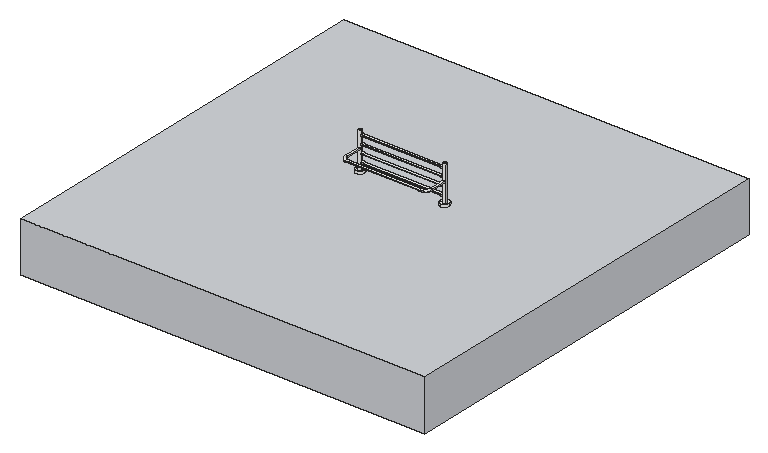
Revit family "Towel_Rack-Grohe-BauCosmopolitan-40462001", category Specialty Equipment, host Face, Revit 2014
Parameters (values of type "40462001")
  Width = 20 5/64"  # constant formula
  URL = "https://www.grohe.us"
  Type Comments = ""
  Product Page URL = "https://www.grohe.ca/en_ca/baucosmopolitan-multi-towel-rack-40462001.html"
  Price = "Prices may vary. Please consult Manufacturer Representative for most up-to-date price list."  # constant formula
  Model = "40462001"
  Material = "Metal-Grohe-000-Chrome"
  Manufacturer = "Grohe"
  Length = 8 189/256"  # constant formula
  Installation Type = "Wall Mounted"
  Height = 6 107/256"  # constant formula
  Finish = Metal-Grohe-000-Chrome
  Description = "BauCosmopolitan Multi-towel rack"
  Default Elevation = 40"  # constant formula
  Creation Date = "7/28/2017"  # constant formula
  Assembly Code = "D2010710"
Reference planes (in)
  plane 1 "Center (Front/Back)": y = 0
  plane 2: z = 0
  plane 3 "Center (Left/Right)": x = 0
  plane 4: x = 10.03937
  plane 5: x = -10.03937
  plane 6: z = 8.74016
  plane 7: y = 6.41732
  plane 8: z = 7.87402
  plane 9: z = 5.90551
  plane 10: z = 3.93701
  plane 11: z = 1.9685
  plane 12: y = 5.35433
  plane 13: z = 4.92126
Forms (in)
  Extrusion 1, solid
    sketch origin (0, 0, 0) x (1, 0, 0) y (0, 1, 0)
      loop
        line (-48, 48) -> (-48, -48) -> (48, -48) -> (48, 48) -> (-48, 48)
    from 0 to -12
  Revolve 2, solid, material "Metal-Grohe-000-Chrome" <- "Finish"
    sketch origin (0, 5.35428, 0) x (1, 0, 0) y (0, 0, 1)
      loop
        line (11.10242, 0) -> (11.10242, 0.3937) -> (10.38765, 0.3937) -> (10.38765, 8.74016) -> (10.03937, 8.74016) -> (10.03937, 0) -> (11.10242, 0)
      axis (10.03937, 8.74016) -> (10.03937, 0)
    angle from 0 to 360
  Revolve 3, solid, material "Metal-Grohe-000-Chrome" <- "Finish"
    sketch origin (0, 5.35428, 0) x (-1, 0, 0) y (0, 0, 1)
      loop
        line (11.10242, 0) -> (11.10242, 0.3937) -> (10.38765, 0.3937) -> (10.38765, 8.74016) -> (10.03937, 8.74016) -> (10.03937, 0) -> (11.10242, 0)
      axis (10.03937, 8.74016) -> (10.03937, 0)
    angle from 0 to 360
  Extrusion 4, solid, material "Metal-Grohe-000-Chrome" <- "Finish"
    sketch origin (0, 0, 0) x (0, 1, 0) y (0, 0, 1)
      loop
        circle (5.35433, 7.87402) r 0.23622
      loop
        circle (5.35433, 5.90551) r 0.23622
      loop
        circle (5.35433, 3.93701) r 0.23622
      loop
        circle (5.35433, 1.9685) r 0.23622
    from -9.97898 to 10.01124
  Sweep 5, solid, material "Metal-Grohe-000-Chrome" <- "Finish"
    path origin (0, 0, 0) x (1, 0, 0) y (0, 1, 0)
      loop
        line (10.03937, 5.43254) -> (10.03937, 1.17931)
        arc (10.03937, 1.17931) -> (9.69396, 0.34541) -> (8.86006, 0) r 1.17931
        line (8.86006, 0) -> (-8.86006, 0)
        arc (-8.86006, 0) -> (-9.69396, 0.34541) -> (-10.03937, 1.17931) r 1.17931
        line (-10.03937, 1.17931) -> (-10.03937, 5.43254)
    profile origin (10.03937, 3.30592, 0) x (1, 0, 0) y (0, 0, 1)
      loop
        circle (0, 4.92126) r 0.23628
Cuts and joins
  joined: Revolve 2, Revolve 3, Extrusion 4, Sweep 5
Lines and regions (in)
  Masking region 1
    outline origin (0, 0, 0) x (1, 0, 0) y (0, 0, 1)
      loop
        line (11.10242, 0) -> (11.10242, 0.3937) -> (10.38765, 0.3937) -> (10.38765, 8.74016) -> (9.69109, 8.74016) -> (9.69109, 8.11024) -> (-9.69109, 8.11024) -> (-9.69109, 8.74016) -> (-10.38765, 8.74016) -> (-10.38765, 0.3937) -> (-11.10242, 0.3937) -> (-11.10242, 0) -> (-8.97632, 0) -> (-8.97632, 0.3937) -> (-9.69109, 0.3937) -> (-9.69109, 1.73228) -> (9.69109, 1.73228) -> (9.69109, 0.3937) -> (8.97632, 0.3937) -> (8.97632, 0) -> (11.10242, 0)
  symbolic lines, detail levels medium+fine
    curve 1: line (9.69109, 0, 3.70079) -> (-9.69109, 0, 3.70079)
    curve 2: line (9.69109, 0, 2.20472) -> (9.69109, 0, 3.70079)
    curve 3: line (-9.69109, 0, 2.20472) -> (9.69109, 0, 2.20472)
    curve 4: line (-9.69109, 0, 3.70079) -> (-9.69109, 0, 2.20472)
    curve 5: line (9.69109, 0, 4.17323) -> (-9.69109, 0, 4.17323)
    curve 6: line (9.69109, 0, 4.68465) -> (9.69109, 0, 4.17323)
    curve 7: line (-9.69109, 0, 4.68465) -> (9.69109, 0, 4.68465)
    curve 8: line (-9.69109, 0, 4.17323) -> (-9.69109, 0, 4.68465)
    curve 9: line (9.69109, 0, 5.15754) -> (-9.69109, 0, 5.15754)
    curve 10: line (9.69109, 0, 5.66929) -> (9.69109, 0, 5.15754)
    curve 11: line (-9.69109, 0, 5.66929) -> (9.69109, 0, 5.66929)
    curve 12: line (-9.69109, 0, 5.15754) -> (-9.69109, 0, 5.66929)
    curve 13: line (9.69109, 0, 7.6378) -> (-9.69109, 0, 7.6378)
    curve 14: line (9.69109, 0, 6.14173) -> (9.69109, 0, 7.6378)
    curve 15: line (-9.69109, 0, 6.14173) -> (9.69109, 0, 6.14173)
    curve 16: line (-9.69109, 0, 7.6378) -> (-9.69109, 0, 6.14173)
  symbolic lines, detail levels fine
    curve 17: line (10.38765, 0, 0.3937) -> (9.69109, 0, 0.3937)
    curve 18: arc (9.69109, 0, 1.73228) -> (9.78339, 0, 1.9685) -> (9.69109, 0, 2.20472) r 0.34842
    curve 19: arc (9.69109, 0, 3.70079) -> (9.78349, 0, 3.93701) -> (9.69109, 0, 4.17323) r 0.34814
    curve 20: line (9.69109, 0, 4.68465) -> (9.69109, 0, 5.15754)
    curve 21: arc (9.69109, 0, 5.66929) -> (9.78349, 0, 5.90551) -> (9.69109, 0, 6.14173) r 0.34814
    curve 22: arc (9.69109, 0, 7.6378) -> (9.78349, 0, 7.87402) -> (9.69109, 0, 8.11024) r 0.34814
    curve 23: line (-10.38765, 0, 0.3937) -> (-9.69109, 0, 0.3937)
    curve 24: arc (-9.69109, 0, 1.73228) -> (-9.78339, 0, 1.9685) -> (-9.69109, 0, 2.20472) r 0.34842
    curve 25: arc (-9.69109, 0, 3.70079) -> (-9.78349, 0, 3.93701) -> (-9.69109, 0, 4.17323) r 0.34814
    curve 26: line (-9.69109, 0, 4.68465) -> (-9.69109, 0, 5.15754)
    curve 27: arc (-9.69109, 0, 5.66929) -> (-9.78349, 0, 5.90551) -> (-9.69109, 0, 6.14173) r 0.34814
    curve 28: arc (-9.69109, 0, 7.6378) -> (-9.78349, 0, 7.87402) -> (-9.69109, 0, 8.11024) r 0.34814
Dimensions and locks (in)
  equal spacing: plane 5, plane 3 "Center (Left/Right)", plane 4
  plane 5 to plane 4 = 20.07874"
  level to plane 6 = 8.74016"
  plane 7 to plane 1 "Center (Front/Back)" = 6.41732"
  aligned and locked: plane 2 to Extrusion 1
  aligned and locked: level to Extrusion 1
Automatic sketch dimensions
  Extrusion 1 sketch curve to Extrusion 1 sketch curve = 96"  (x2)
  plane 4 to Revolve 2 sketch curve = 0"  (x2)
  Revolve 2 sketch curve to plane 6 = 0"
  Revolve 2 sketch curve to level = 0"
  Revolve 2 sketch curve to Revolve 2 sketch curve = 0.34828"
  Revolve 2 sketch curve to Revolve 2 sketch curve = 0.71477"
  level to Revolve 2 sketch curve = 0.3937"
  plane 6 to Revolve 2 sketch curve = 1 3/4"
  Revolve 2 sketch curve to Revolve 2 sketch curve = 1 1/4"
  Revolve 3 sketch curve to plane 5 = 0"  (x2)
  Revolve 3 sketch curve to plane 6 = 0"
  Revolve 3 sketch curve to level = 0"
  Revolve 3 sketch curve to Revolve 3 sketch curve = 0.34828"
  Revolve 3 sketch curve to Revolve 3 sketch curve = 0.71477"
  Revolve 3 sketch curve to Revolve 3 sketch curve = 0.3937"
  Revolve 3 sketch curve to Revolve 3 sketch curve = 1 3/4"
  Revolve 3 sketch curve to Revolve 3 sketch curve = 1 1/4"
  plane 9 to Extrusion 4 sketch curve = 0"
  Extrusion 4 sketch curve to plane 12 = 0"  (x4)
  plane 10 to Extrusion 4 sketch curve = 0"
  plane 11 to Extrusion 4 sketch curve = 0"
  plane 8 to Extrusion 4 sketch curve = 0"
  Sweep 5 sketch curve to plane 5 = 0"
  plane 1 "Center (Front/Back)" to Sweep 5 sketch curve = 0"
  Sweep 5 sketch curve to plane 4 = 0"
  Sweep 5 sketch curve to plane 1 "Center (Front/Back)" = 1.17931"  (x2)
  plane 12 to Sweep 5 sketch curve = 0.0782"  (x2)
  profile plane to Sweep 5 sketch curve = 0"
  Sweep 5 sketch curve to plane 13 = 0"
  Masking region 1 sketch curve to level = 0"  (x2)
  Masking region 1 sketch curve to plane 6 = 0"  (x2)
  Masking region 1 sketch curve to plane 5 = 1.06305"
  Masking region 1 sketch curve to plane 5 = 0.34828"
  plane 5 to Masking region 1 sketch curve = 0.34828"  (x2)
  Masking region 1 sketch curve to Masking region 1 sketch curve = 0.71477"  (x2)
  plane 4 to Masking region 1 sketch curve = 1.06305"
  plane 4 to Masking region 1 sketch curve = 0.34828"  (x2)
  Masking region 1 sketch curve to plane 4 = 0.34828"
  level to Masking region 1 sketch curve = 0.3937"  (x4)
  plane 11 to Masking region 1 sketch curve = 0.23622"
  Masking region 1 sketch curve to plane 8 = 0.23622"
  curve 27 to plane 9 = 0"
  curve 25 to plane 10 = 0"
  curve 28 to plane 8 = 0"
  curve 24 to plane 11 = 0"
  curve 18 to plane 11 = 0"
  curve 21 to plane 9 = 0"
  curve 22 to plane 8 = 0"
  curve 19 to plane 10 = 0"
  plane 5 to curve 1 = 0.34828"
  plane 5 to curve 26 = 0.34828"
  plane 5 to curve 16 = 0.34828"
  curve 15 to curve 27 = 0.25574"
  curve 5 to curve 25 = 0.25574"
  curve 28 to curve 28 = 0.25574"
  curve 3 to curve 24 = 0.25612"
  plane 4 to curve 18 = 0.6044"
  plane 4 to curve 21 = 0.60402"
  plane 4 to curve 22 = 0.60402"
  plane 4 to curve 19 = 0.60402"
  plane 4 to curve 20 = 0.34828"
  curve 4 to plane 11 = 0.23622"
  plane 10 to curve 2 = 0.23622"
  curve 25 to curve 26 = 0.51142"
  curve 6 to curve 9 = 0.47289"
  plane 9 to curve 11 = 0.23622"
  plane 8 to curve 14 = 0.23622"
  curve 23 to plane 5 = 0.34828"
  plane 11 to curve 24 = 0.23622"
  plane 5 to curve 23 = 0.34828"
  curve 28 to plane 8 = 0.23622"
  plane 11 to curve 18 = 0.23622"
  plane 4 to curve 17 = 0.34828"
  curve 22 to plane 8 = 0.23622"
  curve 17 to plane 4 = 0.34828"
  level to curve 17 = 0.3937"
  level to curve 23 = 0.3937"
  radius of Extrusion 4 sketch curve = 0.23622"  (x4)
  radius of Sweep 5 sketch curve = 0.23628"
